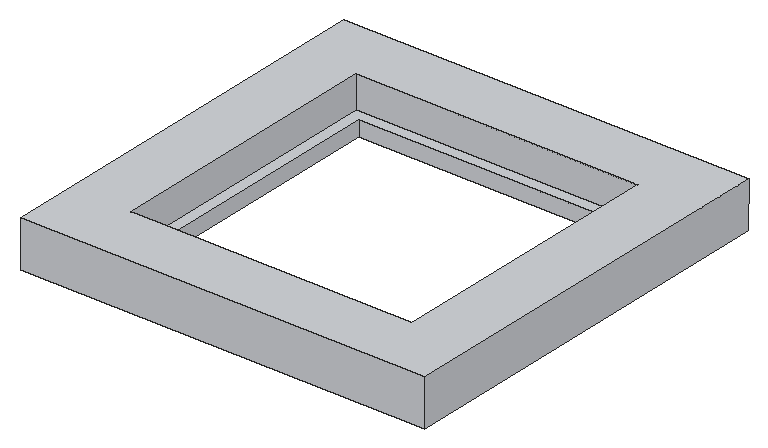
Revit family "Gira_021129", category Electrical Fixtures, host Face, Revit 2017
Family settings
  Host = Face
  Maintain Annotation Orientation = No
  Round Connector Dimension = Use Diameter
  Part Type = Normal
  Cut with Voids When Loaded = No
  Shared = No
  Room Calculation Point = No
Parameters (values of type "Abdeckrahmen 1f Gira E2 Reinweiß")
  Werkstoffgüte = "Thermoplast"
  Werkstoff = "Kunststoff"
  URL = "http://katalog.gira.de/de_DE/datenblatt.html?artikelnr=021129"
  Transparent = "No"
  Textfeld/Beschriftungsfläche = "No"
  Schutzart (IP) = "IP20"
  Region = "DE"
  RAL-Nummer (ähnlich) = "9010 "
  Oberfläche = "sonstige"
  Name = "Abdeckrahmen 1f Gira E2 Reinweiß"
  Montagerichtung = "horizontal und vertikal"
  Mit Montagerahmen = "No"
  Mit Klappdeckel = "No"
  Manufacturer URL = "https://www.gira.de/"
  Keynote = "E2_Rahmen_1fach"
  HeinzeBIM = "https://bimportal.heinze.de/bim/abdeckrahmen-1f-gira-e2-reinweiss/252a1ec4206c4ba1a7131cf35eb65483ac09cb5a"
  Halogenfrei = "Yes"
  HAN = "021129"
  Geeignet für Unterputz-Installation = "Yes"
  Geeignet für Unterflurkanaldose = "No"
  Geeignet für Geräteeinbaukanal = "No"
  Geeignet für Einbauinstallation = "No"
  GTIN = "4010337211297"
  Farbe = "weiß"
  Default Elevation = 1219.2 mm
  Data sheet (1) = "https://katalog.gira.de/de_DE/download.html?artikelnr=021129"
  Category = "Abdeckrahmen"
  Befestigungsart = "Klemmbefestigung"
  Available = "Yes"
  Ausführung der Oberfläche = "glänzend"
  Anzahl der Einheiten vertikal = "1 "
  Anzahl der Einheiten horizontal = "1 "
  Anzahl der Einheiten = "1 "
Reference planes
  plane 1 "Center (Front/Back)": y = 0
  plane 2: z = 0
  plane 3 "Center (Left/Right)": x = 0
Forms (mm)
  Extrusion 1, solid, detail levels fine
    sketch origin (0, 0, 0) x (1, 0, 0) y (0, 1, 0)
      loop
        line (40.4, 40.4) -> (-40.4, 40.4) -> (-40.4, -40.4) -> (40.4, -40.4) -> (40.4, 40.4)
      loop
        line (-28.152, 28.1) -> (-28.152, -28.152) -> (28.1, -28.152) -> (28.1, 28.1) -> (-28.152, 28.1)
    from 0 to 9.3
  Extrusion 2, solid, detail levels fine
    sketch origin (0, 0, 0) x (1, 0, 0) y (0, 1, 0)
      loop
        line (-28.152, -28.152) -> (28.1, -28.152) -> (28.1, 28.1) -> (-28.152, 28.1) -> (-28.152, -28.152)
      loop
        line (25.7, -25.7) -> (25.7, 25.7) -> (-25.7, 25.7) -> (-25.7, -25.7) -> (25.7, -25.7)
    from 0 to 3
  Extrusion 3, solid, detail levels coarse+medium
    sketch origin (0, 0, 0) x (1, 0, 0) y (0, 1, 0)
      loop
        line (40.4, 40.4) -> (-40.4, 40.4) -> (-40.4, -40.4) -> (40.4, -40.4) -> (40.4, 40.4)
    from 0 to 9.3
Dimensions and locks
  aligned and locked: plane 2 to host face
  aligned and locked: level to host face
